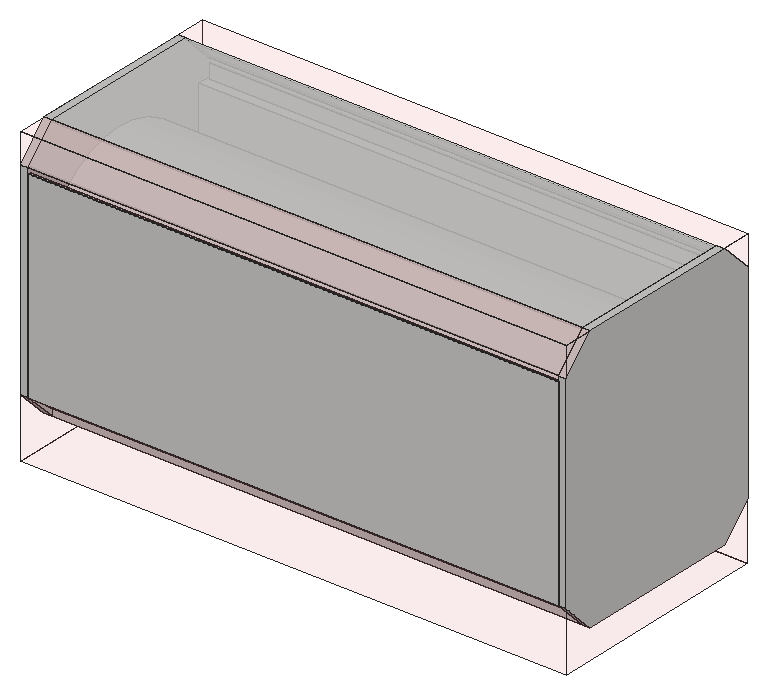
Revit family "Air-Curtain_Customer-Entry_PoweredAire_CED", category Mechanical Equipment, host Face, Revit 2024
Family settings
  Host = Face
  Round Connector Dimension = Use Diameter
  Part Type = Normal
  OmniClass Number = 23.75.35.17.21
  OmniClass Title = Air Curtains
  Cut with Voids When Loaded = No
  Maintain Annotation Orientation = No
  Shared = No
  Room Calculation Point = No
Parameters
  Warranty Duration (Years) = 0
  Unit Width Notes = "Other Widths available."  # constant formula
  Unit Width = 3' - 0"
  Unit Weight = 0
  Unit Height = 1' - 3"
  Unit Depth = 1' - 5 1/2"
  URL = "http://www.poweredaire.com/"
  Test Data = ""
  Temperature Rise_Range = "as Specified"
  Standards Conformance = "as Specified"
  Specification = "http://www.arcat.com/sdspecs/htm04/23_34_33pai.htm"
  SpecWizard = ""
  Sound Pressure = "as Specified"
  Sales Information = "http://www.poweredaire.com/contact_us"
  Revision = "R1_2016-08"
  Projection from Host [instance] = 0' - 2"
  Product Properties = ""
  Product Data = "http://www.arcat.com/arcatcos/cos47/arc47623.html"
  Power Rating = 0 W
  Outlet Volume_Range = "as Specified"
  Outlet Velocity_Range = "as Specified"
  Nozzle Width = if(1 = 1, Unit Width - 0' 1", 0' 0")  # 2' - 11"
  Mounting Width = if(1 = 1, Unit Width - 0' 0 15/16", 0' 0")  # 2' - 11 1/16"
  Mounting Height [instance] = 3' - 6"
  Motor RPM = 0
  Motor HP = 0
  Motor Count = 0
  Model = "As Specified"
  Max Height = 0' - 0"
  Manufacturer Website = "http://www.poweredaire.com/"
  Manufacturer Phone - Toll Free = "888-321-2473"
  Manufacturer Phone = "724-588-3305"
  Manufacturer Fax = "724-588-3371"
  Manufacturer Address = "109 Mortensen Rd.  Greenville, PA 16125"
  Manufacturer = "Powered Aire, Inc"
  Maintenance Schedule (Months) = 0
  Keynote = "23 34 33"
  Installation-Fabrication = ""
  Installation Phase = ""
  Include Clearance [instance] = yes
  Heating Element Load = 0 W
  HVAC_Temperature Rise [instance] = 0 °F
  HVAC_Outlet Volume [instance] = 0 CFM
  HVAC_Outlet Velocity Uniformity = 0
  HVAC_Outlet Velocity [instance] = 0 FPM
  Green Building-LEED = "http://www.arcat.com/green/clients/leed_data_47623.html"
  Front Grating Material [instance] = Metal - Steel - PoweredAire - Stainless 304 Perforated
  Frame Finish [instance] = Metal - Steel - PoweredAire - Stainless 304
  Expected Lifespan (Years) = 0
  Electrical_Wattage [instance] = Power Rating + Heating Element Load  # 0 W
  Electrical_Voltage [instance] = 0 V
  Electrical_Phase [instance] = 1
  Electrical_Frequency [instance] = 0 Hz
  Electrical_Amperage [instance] = 0 A
  Drawn By = "Sumex Design, Inc. / Robert S. Weygant, CSI, CDT, SCIP"
  Description = "Powered Aire Air Curtain as Specified"
  Default Elevation = 0' - 0"  # constant formula
  Copyright = "©Arcat Inc."
  Construction Details = "http://www.arcat.com/details/powair/prod3336.html"
  Clearance_Top [instance] = 0' - 0"
  Clearance_Side B [instance] = 0' - 0"
  Clearance_Side A [instance] = 0' - 0"
  Clearance_Intake [instance] = 0' - 0"
  Clearance_Bottom [instance] = 0' - 0"
  Clearance Material [instance] = ARCAT Clearance
  Building Codes = ""
  Available Options [instance] = "as Specified"
  Assembly Code = "D3090400"
Reference planes (in)
  plane 1 "Center (Elevation)": y = 0.13818
  plane 2: z = 0
  plane 3 "Center (Left/Right)": x = 0
  plane 4: y = 7.63818
  plane 5: y = -7.36182
  plane 6: x = -18
  plane 7: x = 18
  plane 8: z = 19.5
  plane 9 "FF": y = -41.86182
  plane 10: z = 2
  plane 11: x = 17.5
  plane 12: x = -17.5
  plane 13: y = 7.63818
  plane 14: y = -7.36182
  plane 15: x = -18
  plane 16: x = 18
  plane 17: z = 19.5
Forms (in)
  Extrusion 1, solid, material "Metal - Steel - PoweredAire - Stainless 304" <- "Frame Finish"
    sketch origin (0, 0, 0) x (0, 1, 0) y (0, 0, 1)
      loop
        line (5.69363, 2) -> (7.63818, 3.94454) -> (7.63818, 17.55546) -> (5.69363, 19.5) -> (-5.41728, 19.5) -> (-7.36182, 17.55546) -> (-7.36182, 3.94454) -> (-5.41728, 2) -> (5.69363, 2)
    from 17.5 to 18
  Extrusion 2, solid, material "Metal - Steel - PoweredAire - Stainless 304" <- "Frame Finish"
    sketch origin (0, 0, -0.5) x (0, 1, 0) y (0, 0, 1)
      loop
        circle (0.13818, 10.9739) r 6.25
      loop
        line (6.63818, 16.89427) -> (6.63818, 5.87829) -> (7.33849, 5.87829) -> (7.33849, 16.89427) -> (6.63818, 16.89427)
      loop
        line (-7.02798, 16.76927) -> (-7.02798, 5.75329) -> (-6.36182, 5.75329) -> (-6.36182, 16.76927) -> (-7.02798, 16.76927)
    from -17.5 to 17.5
  Extrusion 3, solid, material "Metal - Steel - PoweredAire - Stainless 304" <- "Frame Finish"
    sketch origin (0, 0, 0) x (0, 1, 0) y (0, 0, -1)
      loop
        line (5.69363, -2) -> (-5.41728, -2) -> (-7.36182, -3.94454) -> (-7.36182, -17.55546) -> (-5.41728, -19.5) -> (5.69363, -19.5) -> (7.63818, -17.55546) -> (7.63818, -3.94454) -> (5.69363, -2)
    from 17.5 to 18
  Extrusion 4, solid, material "Metal - Steel - PoweredAire - Stainless 304" <- "Frame Finish"
    sketch origin (0, 0, 0) x (0, 1, 0) y (0, 0, 1)
      loop
        line (-5.41728, 2) -> (5.69363, 2) -> (7.63818, 3.94454) -> (7.63818, 17.19454) -> (7.51318, 17.19454) -> (7.51318, 3.99632) -> (5.64186, 2.125) -> (-5.29228, 2.125) -> (-5.29228, 4.06954) -> (-7.23682, 4.06954) -> (-7.23682, 17.19454) -> (-7.36182, 17.19454) -> (-7.36182, 3.94454) -> (-5.41728, 3.94454) -> (-5.41728, 2)
      loop
        line (-6.64819, 3.61034) -> (-5.8702, 2.83235) -> (-5.74472, 2.95783) -> (-6.52271, 3.73583) -> (-6.64819, 3.61034)
    from -17.5 to 17.5
  Extrusion 5, solid, material "Metal - Steel - PoweredAire - Stainless 304 Perforated" <- "Front Grating Material"
    sketch origin (0, 0, 0) x (0, 1, 0) y (0, 0, 1)
      loop
        line (-7.36182, 17.19454) -> (-7.23682, 17.19454) -> (-7.23682, 17.50368) -> (-5.3655, 19.375) -> (5.64186, 19.375) -> (7.51318, 17.50368) -> (7.51318, 17.19454) -> (7.63818, 17.19454) -> (7.63818, 17.55546) -> (5.69363, 19.5) -> (-5.41728, 19.5) -> (-7.36182, 17.55546) -> (-7.36182, 17.19454)
    from -17.5 to 17.5
  Extrusion 6, solid, material "ARCAT Clearance" <- "Clearance Material", visible <- "Include Clearance"
    sketch origin (0, 0, 0) x (0, 1, 0) y (0, 0, 1)
      loop
        line (-7.36182, 19.5) -> (-7.36182, 0) -> (7.63818, 0) -> (7.63818, 19.5) -> (-7.36182, 19.5)
    from -18 to 18
Dimensions and locks (in)
  equal spacing: plane 4, plane 1 "Center (Elevation)", plane 5
  "Unit Height": plane 4 to plane 5
  equal spacing: plane 6, plane 3 "Center (Left/Right)", plane 7
  "Unit Width": plane 6 to plane 7
  "Mounting Height": plane 1 "Center (Elevation)" to plane 9 "FF"
  "Projection from Host": plane 10 to level
  "Unit Depth": plane 8 to plane 10
  locked: plane 6 to plane 12 at 0.5
  locked: plane 11 to plane 7 at 0.5
  "Clearance_Side A": plane 7 to plane 16
  "Clearance_Side B": plane 15 to plane 6
  "Clearance_Top": plane 13 to plane 4
  "Clearance_Bottom": plane 5 to plane 14
  "Clearance_Intake": plane 17 to plane 8
  aligned and locked: plane 2 to host face
  aligned and locked: level to host face
  aligned and locked: plane 7 to Extrusion 1
  aligned and locked: Extrusion 1 to plane 11
  aligned and locked: plane 12 to Extrusion 3
  aligned and locked: Extrusion 3 to plane 6
  aligned and locked: Extrusion 2 to plane 12
  aligned and locked: plane 11 to Extrusion 2
  aligned and locked: plane 11 to Extrusion 4
  aligned and locked: Extrusion 4 to plane 12
  aligned and locked: plane 11 to Extrusion 5
  aligned and locked: Extrusion 5 to plane 12
  aligned and locked: Extrusion 6 sketch curve to plane 17
  aligned and locked: plane 14 to Extrusion 6 sketch curve
  aligned and locked: level to Extrusion 6 sketch curve
  aligned and locked: Extrusion 6 sketch curve to plane 13
  aligned and locked: plane 16 to Extrusion 6
  aligned and locked: Extrusion 6 to plane 15
Automatic sketch dimensions
  host sketch curve to host sketch curve = 8' - 0"  (x2)
  Extrusion 1 sketch curve to plane 5 = 0' - 0"
  Extrusion 1 sketch curve to plane 8 = 0' - 0"
  Extrusion 1 sketch curve to plane 10 = 0' - 0"
  Extrusion 1 sketch curve to plane 4 = 0' - 0"
  plane 5 to Extrusion 1 sketch curve = 0' - 1.94454"  (x2)
  Extrusion 1 sketch curve to plane 4 = 0' - 1.94454"  (x2)
  plane 10 to Extrusion 1 sketch curve = 0' - 1.94454"  (x2)
  Extrusion 1 sketch curve to plane 8 = 0' - 1.94454"  (x2)
  Extrusion 2 sketch curve to plane 1 "Center (Elevation)" = 0' - 0"
  plane 5 to Extrusion 2 sketch curve = 0' - 1"
  plane 5 to Extrusion 2 sketch curve = 0' - 0.33384"
  Extrusion 2 sketch curve to plane 4 = 0' - 1"
  Extrusion 2 sketch curve to plane 4 = 0' - 0.29969"
  plane 10 to Extrusion 2 sketch curve = 0' - 3.37829"
  plane 10 to Extrusion 2 sketch curve = 0' - 3.25329"
  Extrusion 2 sketch curve to plane 8 = 0' - 9.0261"
  Extrusion 2 sketch curve to plane 8 = 0' - 3.23073"
  Extrusion 2 sketch curve to plane 8 = 0' - 3.10573"
  Extrusion 3 sketch curve to plane 5 = 0' - 0"
  Extrusion 3 sketch curve to plane 8 = 0' - 0"
  Extrusion 3 sketch curve to plane 10 = 0' - 0"
  Extrusion 3 sketch curve to plane 4 = 0' - 0"
  plane 5 to Extrusion 3 sketch curve = 0' - 1.94454"  (x2)
  Extrusion 3 sketch curve to plane 4 = 0' - 1.94454"  (x2)
  Extrusion 3 sketch curve to plane 8 = 0' - 1.94454"  (x2)
  plane 10 to Extrusion 3 sketch curve = 0' - 1.94454"  (x2)
  Extrusion 4 sketch curve to plane 5 = 0' - 0"
  Extrusion 4 sketch curve to plane 10 = 0' - 0"
  Extrusion 4 sketch curve to plane 4 = 0' - 0"
  plane 5 to Extrusion 4 sketch curve = 0' - 0 1/8"
  plane 5 to Extrusion 4 sketch curve = 0' - 0.71363"
  Extrusion 4 sketch curve to Extrusion 4 sketch curve = 0' - 0.12548"  (x2)
  Extrusion 4 sketch curve to Extrusion 4 sketch curve = 0' - 0.778"
  Extrusion 4 sketch curve to Extrusion 4 sketch curve = 0' - 0.32744"
  Extrusion 4 sketch curve to Extrusion 4 sketch curve = 0' - 0 1/8"  (x2)
  plane 10 to Extrusion 4 sketch curve = 0' - 0 1/8"
  Extrusion 4 sketch curve to plane 4 = 0' - 1.99632"
  Extrusion 4 sketch curve to Extrusion 4 sketch curve = 0' - 0.05178"  (x2)
  plane 10 to Extrusion 4 sketch curve = 0' - 0.83235"
  plane 10 to Extrusion 4 sketch curve = 0' - 1.94454"
  Extrusion 4 sketch curve to Extrusion 4 sketch curve = 0' - 0.3342"
  Extrusion 4 sketch curve to plane 4 = 0' - 0 1/8"
  Extrusion 4 sketch curve to plane 8 = 0' - 2.30546"  (x2)
  Extrusion 5 sketch curve to plane 5 = 0' - 0"
  Extrusion 5 sketch curve to plane 8 = 0' - 0"
  Extrusion 5 sketch curve to plane 4 = 0' - 0"
  plane 5 to Extrusion 5 sketch curve = 0' - 0 1/8"
  plane 5 to Extrusion 5 sketch curve = 0' - 1.94454"
  Extrusion 5 sketch curve to plane 8 = 0' - 0 1/8"
  Extrusion 5 sketch curve to Extrusion 5 sketch curve = 0' - 0.05178"  (x4)
  Extrusion 5 sketch curve to plane 4 = 0' - 1.99632"
  Extrusion 5 sketch curve to plane 8 = 0' - 1.94454"  (x2)
  Extrusion 5 sketch curve to Extrusion 5 sketch curve = 0' - 0 1/8"
  Extrusion 5 sketch curve to Extrusion 5 sketch curve = 0' - 0.30914"  (x2)
  radius of Extrusion 2 sketch curve = 0' - 6 1/4"
Connectors (in)
  electrical at (0, 7.63818, 10.56954), driven by "Electrical_Phase", driven by "Electrical_Voltage"
    settings: on Extrusion 4, index 1, voltage 0 V, apparent load 0 VA, apparent load phase1 0 VA, apparent load phase2 0 VA, apparent load phase3 0 VA, power factor 1, load classification "Motor", number of poles 1, system type 31, power factor state 1, is connector primary yes, connector utility no, sub classification motor no, connector description ""
